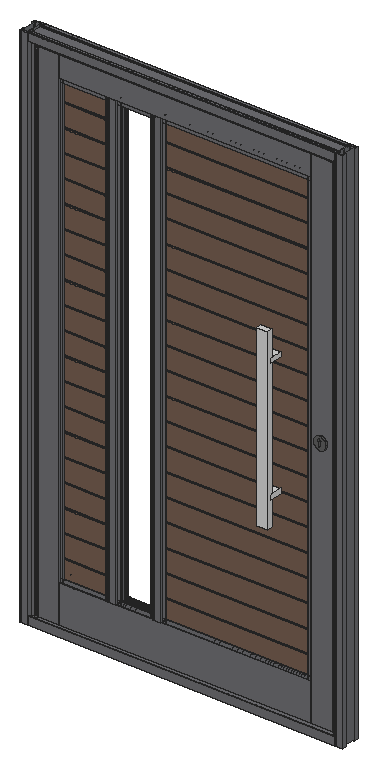
Revit family "Y1321P Y2 CH K LH", category Doors, host Wall, Revit 2024
Family settings
  Host = Wall
  OmniClass Number = 23.30.10.00
  OmniClass Title = Doors
  Always vertical = Yes
  Cut with Voids When Loaded = No
  Shared = No
  Room Calculation Point = No
Parameters
  Function = Interior
  Frame Projection Ext. = 25 mm
  Frame Projection Int. = 25 mm
  Frame Width = 75 mm
  Height = 2120 mm
  Wall Closure = By host
  Width = 1290 mm
  Analytic Construction = "<None>"
Reference planes
  plane 1: y = 0
  plane 2 "Center (Left/Right)": x = 0
  plane 3 "Left": x = -645
  plane 4 "Right": x = 645
  plane 5: z = 2120
  plane 6 "Exterior": y = 75
  plane 7 "Interior": y = -75
Forms (mm)
  Sweep 1, solid, material "ALUMINIUM CHAR (TEST)"
    path origin (0, 75, 0) x (-1, 0, 0) y (0, 0, -1)
      loop
        line (-601.2, -30) -> (-601.2, -2075) -> (600, -2075) -> (600, -30)
    profile origin (0.6, 75, 2075) x (0, 0, -1) y (0, -1, 0)
      loop
        line (-15, 55) -> (-15, 53) -> (0.5, 53)
        arc (0.5, 53) -> (1.207, 53.293) -> (1.5, 54) r 1
        line (1.5, 54) -> (1.5, 56.1) -> (0.5, 56.1) -> (0.5, 55) -> (-1, 55) -> (-1, 59.5) -> (0.5, 59.5) -> (0.5, 58.369) -> (1.5, 58.369) -> (1.5, 91.631) -> (0.5, 91.631) -> (0.5, 90.5) -> (-1, 90.5) -> (-1, 95) -> (0.5, 95) -> (0.5, 93.9) -> (1.5, 93.9) -> (1.5, 96)
        arc (1.5, 96) -> (1.207, 96.707) -> (0.5, 97) r 1
        line (0.5, 97) -> (-15, 97) -> (-15, 95) -> (-2.8, 95) -> (-2.8, 88.5) -> (-0.5, 88.5) -> (-0.5, 61.5) -> (-2.8, 61.5) -> (-2.8, 55) -> (-15, 55)
  Extrusion 2, solid, material "ALUMINIUM CHAR (TEST)"
    sketch origin (0, 0, 0) x (0, 1, 0) y (0, 0, -1)
      loop
        line (37.5, -2120) -> (37.5, -2090) -> (7.651, -2090) -> (-4.189, -2090) -> (-37.5, -2090) -> (-37.5, -2120) -> (-22, -2120) -> (-22, -2118.5) -> (-24.5, -2118.5) -> (-24.5, -2115.5) -> (24.5, -2115.5) -> (24.5, -2118.5) -> (22, -2118.5) -> (22, -2120) -> (37.5, -2120)
      loop
        line (32.168, -2118.2) -> (35.6, -2118.2) -> (35.6, -2091.8) -> (32.168, -2091.8) -> (30.896, -2093.072) -> (29.5, -2091.676) -> (28, -2093.176) -> (26.624, -2091.8) -> (-19.438, -2091.8) -> (-26.624, -2091.8) -> (-28, -2093.176) -> (-29.5, -2091.676) -> (-30.896, -2093.072) -> (-32.168, -2091.8) -> (-35.6, -2091.8) -> (-35.6, -2118.2) -> (-32.168, -2118.2) -> (-30.896, -2116.928) -> (-29.5, -2118.324) -> (-28, -2116.824) -> (-26.3, -2118.524) -> (-26.3, -2115.8)
        arc (-26.3, -2115.8) -> (-25.685, -2114.315) -> (-24.2, -2113.7) r 2.1
        line (-24.2, -2113.7) -> (24.2, -2113.7)
        arc (24.2, -2113.7) -> (25.685, -2114.315) -> (26.3, -2115.8) r 2.1
        line (26.3, -2115.8) -> (26.3, -2118.524) -> (28, -2116.824) -> (29.5, -2118.324) -> (30.896, -2116.928) -> (32.168, -2118.2)
      loop
        line (37.5, 0) -> (22, 0) -> (22, -1.5) -> (24.5, -1.5) -> (24.5, -4.5) -> (-24.5, -4.5) -> (-24.5, -1.5) -> (-22, -1.5) -> (-22, 0) -> (-37.5, 0) -> (-37.5, -30) -> (-4.189, -30) -> (7.651, -30) -> (37.5, -30) -> (37.5, 0)
      loop
        line (32.168, -1.8) -> (30.896, -3.072) -> (29.5, -1.676) -> (28, -3.176) -> (26.3, -1.476) -> (26.3, -4.2)
        arc (26.3, -4.2) -> (25.685, -5.685) -> (24.2, -6.3) r 2.1
        line (24.2, -6.3) -> (-24.2, -6.3)
        arc (-24.2, -6.3) -> (-25.685, -5.685) -> (-26.3, -4.2) r 2.1
        line (-26.3, -4.2) -> (-26.3, -1.476) -> (-28, -3.176) -> (-29.5, -1.676) -> (-30.896, -3.072) -> (-32.168, -1.8) -> (-35.6, -1.8) -> (-35.6, -28.2) -> (-32.168, -28.2) -> (-30.896, -26.928) -> (-29.5, -28.324) -> (-28, -26.824) -> (-26.624, -28.2) -> (-19.438, -28.2) -> (26.624, -28.2) -> (28, -26.824) -> (29.5, -28.324) -> (30.896, -26.928) -> (32.168, -28.2) -> (35.6, -28.2) -> (35.6, -1.8) -> (32.168, -1.8)
    from -615 to 615
  Extrusion 3, solid, material "ALUMINIUM CHAR (TEST)"
    sketch origin (0, 0, 30) x (-1, 0, 0) y (0, -1, 0)
      loop
        line (598.5, -21) -> (598.5, 23.179)
        arc (598.5, 23.179) -> (598.26, 23.76) -> (597.679, 24) r 0.821
        line (597.679, 24) -> (584.5, 24)
        arc (584.5, 24) -> (583.5, 23) -> (584.5, 22) r 1
        line (584.5, 22) -> (595.679, 22)
        arc (595.679, 22) -> (596.26, 21.76) -> (596.5, 21.179) r 0.821
        line (596.5, 21.179) -> (596.5, -21)
        arc (596.5, -21) -> (597.5, -22) -> (598.5, -21) r 1
      loop
        line (-599.7, 21) -> (-599.7, -23.179)
        arc (-599.7, -23.179) -> (-599.459, -23.76) -> (-598.879, -24) r 0.821
        line (-598.879, -24) -> (-585.7, -24)
        arc (-585.7, -24) -> (-584.7, -23) -> (-585.7, -22) r 1
        line (-585.7, -22) -> (-596.879, -22)
        arc (-596.879, -22) -> (-597.459, -21.76) -> (-597.7, -21.179) r 0.821
        line (-597.7, -21.179) -> (-597.7, 21)
        arc (-597.7, 21) -> (-598.7, 22) -> (-599.7, 21) r 1
    from 0 to 2043.5
  Extrusion 4, solid, material "ALUMINIUM CHAR (TEST)"
    sketch origin (0, 0, 0) x (0, -1, 0) y (-1, 0, 0)
      loop
        line (-37.5, -645) -> (-22, -645) -> (-22, -643.5) -> (-24.5, -643.5) -> (-24.5, -640.5) -> (24.5, -640.5) -> (24.5, -643.5) -> (22, -643.5) -> (22, -645) -> (37.5, -645) -> (37.5, -615) -> (17, -615) -> (17, -615.993) -> (18.496, -616.394) -> (18.496, -617.6) -> (0.254, -617.6) -> (0.254, -616.306) -> (3, -616.066) -> (3, -615) -> (-37.5, -615) -> (-37.5, -645)
      loop
        line (-26.624, -616.8) -> (-28, -618.176) -> (-29.5, -616.676) -> (-30.896, -618.072) -> (-32.168, -616.8) -> (-35.6, -616.8) -> (-35.6, -643.2) -> (-32.168, -643.2) -> (-30.896, -641.928) -> (-29.5, -643.324) -> (-28, -641.824) -> (-26.3, -643.524) -> (-26.3, -640.8)
        arc (-26.3, -640.8) -> (-25.685, -639.315) -> (-24.2, -638.7) r 2.1
        line (-24.2, -638.7) -> (24.2, -638.7)
        arc (24.2, -638.7) -> (25.685, -639.315) -> (26.3, -640.8) r 2.1
        line (26.3, -640.8) -> (26.3, -643.524) -> (28, -641.824) -> (29.5, -643.324) -> (30.896, -641.928) -> (32.168, -643.2) -> (35.6, -643.2) -> (35.6, -616.8) -> (32.168, -616.8) -> (30.896, -618.072) -> (29.5, -616.676) -> (28, -618.176) -> (26.624, -616.8) -> (20.239, -616.8)
        arc (20.239, -616.8) -> (19.852, -618.596) -> (18.2, -619.4) r 2.1
        line (18.2, -619.4) -> (0.55, -619.4)
        arc (0.55, -619.4) -> (-1.102, -618.596) -> (-1.49, -616.8) r 2.1
        line (-1.49, -616.8) -> (-26.624, -616.8)
      loop
        line (-37.5, 645) -> (-37.5, 615) -> (3, 615) -> (3, 616.066) -> (0.254, 616.306) -> (0.254, 617.6) -> (18.496, 617.6) -> (18.496, 616.394) -> (17, 615.993) -> (17, 615) -> (37.5, 615) -> (37.5, 645) -> (22, 645) -> (22, 643.5) -> (24.5, 643.5) -> (24.5, 640.5) -> (-24.5, 640.5) -> (-24.5, 643.5) -> (-22, 643.5) -> (-22, 645) -> (-37.5, 645)
      loop
        line (-26.624, 616.8) -> (-1.49, 616.8)
        arc (-1.49, 616.8) -> (-1.102, 618.596) -> (0.55, 619.4) r 2.1
        line (0.55, 619.4) -> (18.2, 619.4)
        arc (18.2, 619.4) -> (19.852, 618.596) -> (20.239, 616.8) r 2.1
        line (20.239, 616.8) -> (26.624, 616.8) -> (28, 618.176) -> (29.5, 616.676) -> (30.896, 618.072) -> (32.168, 616.8) -> (35.6, 616.8) -> (35.6, 643.2) -> (32.168, 643.2) -> (30.896, 641.928) -> (29.5, 643.324) -> (28, 641.824) -> (26.3, 643.524) -> (26.3, 640.8)
        arc (26.3, 640.8) -> (25.685, 639.315) -> (24.2, 638.7) r 2.1
        line (24.2, 638.7) -> (-24.2, 638.7)
        arc (-24.2, 638.7) -> (-25.685, 639.315) -> (-26.3, 640.8) r 2.1
        line (-26.3, 640.8) -> (-26.3, 643.524) -> (-28, 641.824) -> (-29.5, 643.324) -> (-30.896, 641.928) -> (-32.168, 643.2) -> (-35.6, 643.2) -> (-35.6, 616.8) -> (-32.168, 616.8) -> (-30.896, 618.072) -> (-29.5, 616.676) -> (-28, 618.176) -> (-26.624, 616.8)
    from -2120 to 0
  Extrusion 5, solid, material "ALUMINIUM CHAR (TEST)"
    sketch origin (0, 0, -6.5) x (1, 0, 0) y (0, 1, 0)
      loop
        line (503.5, 22) -> (503.5, 12) -> (504.475, 12) -> (504.606, 13.5) -> (506.1, 13.5) -> (506.1, 6.618) -> (506.1, -5) -> (504.737, -5) -> (504.475, -2) -> (503.5, -2) -> (503.5, -15.2) -> (492.893, -15.2) -> (492.2, -15.6) -> (489.7, -15.6) -> (489.7, -14) -> (488.5, -14) -> (488.5, -17) -> (503.5, -17) -> (503.5, -22) -> (591.7, -22)
        arc (591.7, -22) -> (592.973, -21.473) -> (593.5, -20.2) r 1.8
        line (593.5, -20.2) -> (593.5, -19.4)
        arc (593.5, -19.4) -> (593, -18.9) -> (592.5, -19.4) r 0.5
        line (592.5, -19.4) -> (592.5, -20.4) -> (591, -20.4) -> (591, -12.8) -> (592.5, -12.8) -> (592.5, -13.8)
        arc (592.5, -13.8) -> (593, -14.3) -> (593.5, -13.8) r 0.5
        line (593.5, -13.8) -> (593.5, 13.8)
        arc (593.5, 13.8) -> (593, 14.3) -> (592.5, 13.8) r 0.5
        line (592.5, 13.8) -> (592.5, 12.8) -> (591, 12.8) -> (591, 20.4) -> (592.5, 20.4) -> (592.5, 19.4)
        arc (592.5, 19.4) -> (593, 18.9) -> (593.5, 19.4) r 0.5
        line (593.5, 19.4) -> (593.5, 20.2)
        arc (593.5, 20.2) -> (592.973, 21.473) -> (591.7, 22) r 1.8
        line (591.7, 22) -> (503.5, 22)
      loop
        line (589.2, 20.2) -> (505.3, 20.2) -> (505.3, 15.3) -> (506.5, 15.3)
        arc (506.5, 15.3) -> (507.49, 14.89) -> (507.9, 13.9) r 1.4
        line (507.9, 13.9) -> (507.9, -5.4)
        arc (507.9, -5.4) -> (507.49, -6.39) -> (506.5, -6.8) r 1.4
        line (506.5, -6.8) -> (505.3, -6.8) -> (505.3, -17.092) -> (505.3, -20.2) -> (589.2, -20.2) -> (589.2, -12.2)
        arc (589.2, -12.2) -> (589.493, -11.493) -> (590.2, -11.2) r 1
        line (590.2, -11.2) -> (591.5, -11.2) -> (591.5, 11.2) -> (590.2, 11.2)
        arc (590.2, 11.2) -> (589.493, 11.493) -> (589.2, 12.2) r 1
        line (589.2, 12.2) -> (589.2, 20.2)
      loop
        line (-503.5, 22) -> (-591.7, 22)
        arc (-591.7, 22) -> (-592.973, 21.473) -> (-593.5, 20.2) r 1.8
        line (-593.5, 20.2) -> (-593.5, 19.4)
        arc (-593.5, 19.4) -> (-593, 18.9) -> (-592.5, 19.4) r 0.5
        line (-592.5, 19.4) -> (-592.5, 20.4) -> (-591, 20.4) -> (-591, 12.8) -> (-592.5, 12.8) -> (-592.5, 13.8)
        arc (-592.5, 13.8) -> (-593, 14.3) -> (-593.5, 13.8) r 0.5
        line (-593.5, 13.8) -> (-593.5, -13.8)
        arc (-593.5, -13.8) -> (-593, -14.3) -> (-592.5, -13.8) r 0.5
        line (-592.5, -13.8) -> (-592.5, -12.8) -> (-591, -12.8) -> (-591, -20.4) -> (-592.5, -20.4) -> (-592.5, -19.4)
        arc (-592.5, -19.4) -> (-593, -18.9) -> (-593.5, -19.4) r 0.5
        line (-593.5, -19.4) -> (-593.5, -20.2)
        arc (-593.5, -20.2) -> (-592.973, -21.473) -> (-591.7, -22) r 1.8
        line (-591.7, -22) -> (-503.5, -22) -> (-503.5, -17) -> (-488.5, -17) -> (-488.5, -14) -> (-489.7, -14) -> (-489.7, -15.6) -> (-492.2, -15.6) -> (-492.893, -15.2) -> (-503.5, -15.2) -> (-503.5, -2) -> (-504.475, -2) -> (-504.737, -5) -> (-506.1, -5) -> (-506.1, 7.077) -> (-506.1, 13.5) -> (-504.606, 13.5) -> (-504.475, 12) -> (-503.5, 12) -> (-503.5, 22)
      loop
        line (-589.2, 20.2) -> (-589.2, 12.2)
        arc (-589.2, 12.2) -> (-589.493, 11.493) -> (-590.2, 11.2) r 1
        line (-590.2, 11.2) -> (-591.5, 11.2) -> (-591.5, -11.2) -> (-590.2, -11.2)
        arc (-590.2, -11.2) -> (-589.493, -11.493) -> (-589.2, -12.2) r 1
        line (-589.2, -12.2) -> (-589.2, -20.2) -> (-505.3, -20.2) -> (-505.3, -17.092) -> (-505.3, -6.8) -> (-506.5, -6.8)
        arc (-506.5, -6.8) -> (-507.49, -6.39) -> (-507.9, -5.4) r 1.4
        line (-507.9, -5.4) -> (-507.9, 13.9)
        arc (-507.9, 13.9) -> (-507.49, 14.89) -> (-506.5, 15.3) r 1.4
        line (-506.5, 15.3) -> (-505.3, 15.3) -> (-505.3, 20.2) -> (-589.2, 20.2)
    from 40 to 2080
  Sweep 6, solid, material "ALUMINIUM CHAR (TEST)"
    path origin (0, 75, -6.5) x (1, 0, 0) y (0, 0, 1)
      loop
        line (503.5, 1996.1) -> (-96.237, 1996.1) -> (-96.237, 190) -> (503.5, 190) -> (503.5, 1996.1)
    profile origin (203.631, 75, 1989.6) x (0, 0, -1) y (0, -1, 0)
      loop
        arc (0, 53.6) -> (0.176, 53.176) -> (0.6, 53) r 0.6
        line (0.6, 53) -> (14.8, 53)
        arc (14.8, 53) -> (15.224, 53.176) -> (15.4, 53.6) r 0.6
        line (15.4, 53.6) -> (15.4, 57.5)
        arc (15.4, 57.5) -> (14.9, 58) -> (14.4, 57.5) r 0.5
        line (14.4, 57.5) -> (14.4, 55) -> (13, 55) -> (12.4, 58) -> (10.4, 58) -> (10.4, 57) -> (11.4, 57) -> (11.8, 55) -> (7.5, 55) -> (7.9, 57) -> (8.9, 57) -> (8.9, 58) -> (6.9, 58) -> (6.3, 55) -> (1.9, 55) -> (1.9, 65) -> (-0.6, 65) -> (-0.6, 75.5) -> (-1.6, 75.5) -> (-1.6, 79)
        arc (-1.6, 79) -> (-2.1, 79.5) -> (-2.6, 79) r 0.5
        line (-2.6, 79) -> (-2.6, 63)
        arc (-2.6, 63) -> (-1.85, 62.492) -> (-1.1, 63) r 0.808
        line (-1.1, 63) -> (0, 63) -> (0, 53.6)
  Sweep 7, solid, material "ALUMINIUM CHAR (TEST)"
    path origin (-0.008, 75, 1533.5) x (1, 0, 0) y (0, 0, 1)
      loop
        line (-304.992, 455) -> (-503.5, 455) -> (-503.5, -1350) -> (-304.992, -1350) -> (-304.992, 455)
    profile origin (-404.254, 75, 1988.5) x (0, 0, -1) y (0, -1, 0)
      loop
        arc (0, 53.6) -> (0.176, 53.176) -> (0.6, 53) r 0.6
        line (0.6, 53) -> (14.8, 53)
        arc (14.8, 53) -> (15.224, 53.176) -> (15.4, 53.6) r 0.6
        line (15.4, 53.6) -> (15.4, 57.5)
        arc (15.4, 57.5) -> (14.9, 58) -> (14.4, 57.5) r 0.5
        line (14.4, 57.5) -> (14.4, 55) -> (13, 55) -> (12.4, 58) -> (10.4, 58) -> (10.4, 57) -> (11.4, 57) -> (11.8, 55) -> (7.5, 55) -> (7.9, 57) -> (8.9, 57) -> (8.9, 58) -> (6.9, 58) -> (6.3, 55) -> (1.9, 55) -> (1.9, 65) -> (-0.6, 65) -> (-0.6, 75.5) -> (-1.6, 75.5) -> (-1.6, 79)
        arc (-1.6, 79) -> (-2.1, 79.5) -> (-2.6, 79) r 0.5
        line (-2.6, 79) -> (-2.6, 63)
        arc (-2.6, 63) -> (-1.85, 62.492) -> (-1.1, 63) r 0.808
        line (-1.1, 63) -> (0, 63) -> (0, 53.6)
  Extrusion 8, solid, material "ALUMINIUM BLACK (TEST)"
    sketch origin (-350.722, 27.873, -83.123) x (-1, 0, 0) y (0, 0, -1)
      loop
        circle (-896.954, -1135.623) r 25
    from 0 to 5
  Extrusion 9, solid, material "ALUMINIUM BLACK (TEST)"
    sketch origin (-350.722, -27.873, -83.123) x (-1, 0, 0) y (0, 0, 1)
      loop
        circle (-896.954, 1135.623) r 25
    from 0 to 5
  Extrusion 10, void
    sketch origin (-85.5, 67.873, -83.123) x (-1, 0, 0) y (0, 0, -1)
      loop
        line (-634.732, -1122.18) -> (-634.732, -1136.773)
        arc (-634.732, -1136.773) -> (-631.732, -1150.865) -> (-628.732, -1136.773) r 7.365
        line (-628.732, -1136.773) -> (-628.732, -1122.18)
        arc (-628.732, -1122.18) -> (-631.732, -1119.18) -> (-634.732, -1122.18) r 3
    from 40 to 45
  Extrusion 11, void
    sketch origin (-85.5, -67.873, -83.123) x (-1, 0, 0) y (0, 0, 1)
      loop
        arc (-634.732, 1122.18) -> (-631.732, 1119.18) -> (-628.732, 1122.18) r 3
        line (-628.732, 1122.18) -> (-628.732, 1136.773)
        arc (-628.732, 1136.773) -> (-631.732, 1150.865) -> (-634.732, 1136.773) r 7.365
        line (-634.732, 1136.773) -> (-634.732, 1122.18)
    from 40 to 45
  Extrusion 12, solid, material "COOL BRONZE GLASS"
    sketch origin (0, 9.8, -6.5) x (1, 0, 0) y (0, 0, 1)
      loop
        line (-125, 1994.2) -> (-275, 1994.2) -> (-275, 189.4) -> (-125, 189.4) -> (-125, 1994.2)
    from 0 to 6.4
  Sweep 13, solid, material "ALUMINIUM CHAR (TEST)"
    path origin (-2.956, 75, 1123.5) x (1, 0, 0) y (0, 0, 1)
      loop
        line (-122.044, 866.1) -> (-272.044, 866.1) -> (-272.044, -940) -> (-122.044, -940) -> (-122.044, 866.1)
    profile origin (-200, 75, 1989.6) x (0, 0, -1) y (0, -1, 0)
      loop
        arc (0, 53.6) -> (0.176, 53.176) -> (0.6, 53) r 0.6
        line (0.6, 53) -> (14.8, 53)
        arc (14.8, 53) -> (15.224, 53.176) -> (15.4, 53.6) r 0.6
        line (15.4, 53.6) -> (15.4, 57.5)
        arc (15.4, 57.5) -> (14.9, 58) -> (14.4, 57.5) r 0.5
        line (14.4, 57.5) -> (14.4, 55) -> (13, 55) -> (12.4, 58) -> (10.4, 58) -> (10.4, 57) -> (11.4, 57) -> (11.8, 55) -> (7.5, 55) -> (7.9, 57) -> (8.9, 57) -> (8.9, 58) -> (6.9, 58) -> (6.3, 55) -> (1.9, 55) -> (1.9, 65) -> (-0.6, 65) -> (-0.6, 75.5) -> (-1.6, 75.5) -> (-1.6, 79)
        arc (-1.6, 79) -> (-2.1, 79.5) -> (-2.6, 79) r 0.5
        line (-2.6, 79) -> (-2.6, 63)
        arc (-2.6, 63) -> (-1.85, 62.492) -> (-1.1, 63) r 0.808
        line (-1.1, 63) -> (0, 63) -> (0, 53.6)
  Extrusion 14, solid, material "ALUMINIUM CHAR (TEST)"
    sketch origin (4982.033, 0, 3177.001) x (0, -1, 0) y (1, 0, 0)
      loop
        line (22, -5077.033) -> (17, -5077.033) -> (17, -5062.033) -> (14, -5062.033) -> (14, -5063.233) -> (15.6, -5063.233) -> (15.6, -5065.441) -> (15.2, -5066.133) -> (15.2, -5077.033) -> (2, -5077.033) -> (2, -5078.008) -> (5, -5078.271) -> (5, -5079.633) -> (-13.5, -5079.633) -> (-13.5, -5078.139) -> (-12, -5078.008) -> (-12, -5077.033) -> (-22, -5077.033) -> (-22, -5107.033) -> (-12, -5107.033) -> (-12, -5106.058) -> (-13.5, -5105.927) -> (-13.5, -5104.433) -> (5, -5104.433) -> (5, -5105.796) -> (2, -5106.058) -> (2, -5107.033) -> (15.2, -5107.033) -> (15.2, -5117.641) -> (15.6, -5118.333) -> (15.6, -5120.833) -> (14, -5120.833) -> (14, -5122.033) -> (17, -5122.033) -> (17, -5107.033) -> (22, -5107.033) -> (22, -5077.033)
      loop
        line (20.2, -5105.233) -> (20.2, -5078.833) -> (16.581, -5078.833) -> (6.8, -5078.833) -> (6.8, -5080.033)
        arc (6.8, -5080.033) -> (6.39, -5081.023) -> (5.4, -5081.433) r 1.4
        line (5.4, -5081.433) -> (-13.9, -5081.433)
        arc (-13.9, -5081.433) -> (-14.89, -5081.023) -> (-15.3, -5080.033) r 1.4
        line (-15.3, -5080.033) -> (-15.3, -5078.833) -> (-20.2, -5078.833) -> (-20.2, -5105.233) -> (-15.3, -5105.233) -> (-15.3, -5104.033)
        arc (-15.3, -5104.033) -> (-14.89, -5103.043) -> (-13.9, -5102.633) r 1.4
        line (-13.9, -5102.633) -> (5.4, -5102.633)
        arc (5.4, -5102.633) -> (6.39, -5103.043) -> (6.8, -5104.033) r 1.4
        line (6.8, -5104.033) -> (6.8, -5105.233) -> (20.2, -5105.233)
      loop
        line (22, -5257.033) -> (17, -5257.033) -> (17, -5242.033) -> (14, -5242.033) -> (14, -5243.233) -> (15.6, -5243.233) -> (15.6, -5245.441) -> (15.2, -5246.133) -> (15.2, -5257.033) -> (2, -5257.033) -> (2, -5258.008) -> (5, -5258.271) -> (5, -5259.633) -> (-13.5, -5259.633) -> (-13.5, -5258.139) -> (-12, -5258.008) -> (-12, -5257.033) -> (-22, -5257.033) -> (-22, -5287.033) -> (-12, -5287.033) -> (-12, -5286.058) -> (-13.5, -5285.927) -> (-13.5, -5284.433) -> (5, -5284.433) -> (5, -5285.796) -> (2, -5286.058) -> (2, -5287.033) -> (15.2, -5287.033) -> (15.2, -5297.641) -> (15.6, -5298.333) -> (15.6, -5300.833) -> (14, -5300.833) -> (14, -5302.033) -> (17, -5302.033) -> (17, -5287.033) -> (22, -5287.033) -> (22, -5257.033)
      loop
        line (20.2, -5285.233) -> (20.2, -5258.833) -> (16.581, -5258.833) -> (6.8, -5258.833) -> (6.8, -5260.033)
        arc (6.8, -5260.033) -> (6.39, -5261.023) -> (5.4, -5261.433) r 1.4
        line (5.4, -5261.433) -> (-13.9, -5261.433)
        arc (-13.9, -5261.433) -> (-14.89, -5261.023) -> (-15.3, -5260.033) r 1.4
        line (-15.3, -5260.033) -> (-15.3, -5258.833) -> (-20.2, -5258.833) -> (-20.2, -5285.233) -> (-15.3, -5285.233) -> (-15.3, -5284.033)
        arc (-15.3, -5284.033) -> (-14.89, -5283.043) -> (-13.9, -5282.633) r 1.4
        line (-13.9, -5282.633) -> (5.4, -5282.633)
        arc (5.4, -5282.633) -> (6.39, -5283.043) -> (6.8, -5284.033) r 1.4
        line (6.8, -5284.033) -> (6.8, -5285.233) -> (20.2, -5285.233)
    from -2993.501 to -1188.501
  Extrusion 15, solid, material "ALUMINIUM CHAR (TEST)"
    sketch origin (0, 0, -6.5) x (0, 1, 0) y (0, 0, 1)
      loop
        line (20.25, 77.453) -> (20.25, 172.747) -> (19.7, 173.7) -> (19.7, 176.7) -> (20.25, 177.653) -> (20.25, 188.2) -> (15.3, 188.2) -> (15.3, 185.6) -> (-6.55, 185.6) -> (-6.55, 188.2) -> (-20.25, 188.2) -> (-20.25, 177.653) -> (-19.7, 176.7) -> (-19.7, 173.7) -> (-20.25, 172.747) -> (-20.25, 77.453) -> (-19.7, 76.5) -> (-19.7, 73.5) -> (-20.25, 72.547) -> (-20.25, 61.8) -> (20.25, 61.8) -> (20.25, 72.547) -> (19.7, 73.5) -> (19.7, 76.5) -> (20.25, 77.453)
      loop
        line (19.7, 60) -> (19.7, 57) -> (20.25, 56.047) -> (20.25, 43.6) -> (17.1, 43.6) -> (17.1, 42) -> (20.2, 42) -> (20.2, 40) -> (22, 40) -> (22, 190) -> (12, 190) -> (12, 189.007) -> (13.5, 188.605) -> (13.5, 187.4) -> (-4.75, 187.4) -> (-4.75, 188.693) -> (-2, 188.934) -> (-2, 190) -> (-15.2, 190) -> (-15.2, 200.607) -> (-15.6, 201.3) -> (-15.6, 203.8) -> (-14, 203.8) -> (-14, 205) -> (-17, 205) -> (-17, 190) -> (-22, 190) -> (-22, 40) -> (-20.2, 40) -> (-20.2, 42) -> (-17.1, 42) -> (-17.1, 43.6) -> (-20.25, 43.6) -> (-20.25, 56.047) -> (-19.7, 57) -> (-19.7, 60) -> (19.7, 60)
      loop
        line (-22, 2080) -> (-22, 1995) -> (-17, 1995) -> (-17, 1980) -> (-14, 1980) -> (-14, 1981.2) -> (-15.6, 1981.2) -> (-15.6, 1983.7) -> (-15.2, 1984.393) -> (-15.2, 1995) -> (-2, 1995) -> (-2, 1996.066) -> (-4.75, 1996.307) -> (-4.75, 1997.6) -> (13.5, 1997.6) -> (13.5, 1996.395) -> (12, 1995.993) -> (12, 1995) -> (22, 1995) -> (22, 2080) -> (20.2, 2080) -> (20.2, 2078) -> (17.1, 2078) -> (17.1, 2076.4) -> (20.25, 2076.4) -> (20.25, 2063.953) -> (19.7, 2063) -> (19.7, 2060) -> (-19.7, 2060) -> (-19.7, 2063) -> (-20.25, 2063.953) -> (-20.25, 2076.4) -> (-17.1, 2076.4) -> (-17.1, 2078) -> (-20.2, 2078) -> (-20.2, 2080) -> (-22, 2080)
      loop
        line (-20.25, 2042.547) -> (-20.25, 2012.253) -> (-19.7, 2011.3) -> (-19.7, 2008.3) -> (-20.25, 2007.347) -> (-20.25, 1996.8) -> (-6.55, 1996.8) -> (-6.55, 1999.4) -> (15.3, 1999.4) -> (15.3, 1996.8) -> (20.25, 1996.8) -> (20.25, 2007.347) -> (19.7, 2008.3) -> (19.7, 2011.3) -> (20.25, 2012.253) -> (20.25, 2042.547) -> (19.7, 2043.5) -> (19.7, 2046.5) -> (20.25, 2047.453) -> (20.25, 2058.2) -> (-20.25, 2058.2) -> (-20.25, 2047.453) -> (-19.7, 2046.5) -> (-19.7, 2043.5) -> (-20.25, 2042.547)
    from -503.5 to 503.5
  Extrusion 16, solid, material "KIAAT (TEST 1)"
    sketch origin (-0.008, 114.915, -6.5) x (0, 1, 0) y (0, 0, 1)
      loop
        line (-104.915, 272.7) -> (-112.415, 272.7) -> (-112.415, 280.7) -> (-104.915, 280.7) -> (-104.915, 363.4) -> (-112.415, 363.4) -> (-112.415, 371.4) -> (-104.915, 371.4) -> (-104.915, 454.1) -> (-112.415, 454.1) -> (-112.415, 462.1) -> (-104.915, 462.1) -> (-104.915, 544.8) -> (-112.415, 544.8) -> (-112.415, 552.8) -> (-104.915, 552.8) -> (-104.915, 635.5) -> (-112.415, 635.5) -> (-112.415, 643.5) -> (-104.915, 643.5) -> (-104.915, 726.2) -> (-112.415, 726.2) -> (-112.415, 734.2) -> (-104.915, 734.2) -> (-104.915, 816.9) -> (-112.415, 816.9) -> (-112.415, 824.9) -> (-104.915, 824.9) -> (-104.915, 907.6) -> (-112.415, 907.6) -> (-112.415, 915.6) -> (-104.915, 915.6) -> (-104.915, 998.3) -> (-112.415, 998.3) -> (-112.415, 1006.3) -> (-104.915, 1006.3) -> (-104.915, 1089) -> (-112.415, 1089) -> (-112.415, 1097) -> (-104.915, 1097) -> (-104.915, 1179.7) -> (-112.415, 1179.7) -> (-112.415, 1187.7) -> (-104.915, 1187.7) -> (-104.915, 1270.4) -> (-112.415, 1270.4) -> (-112.415, 1278.4) -> (-104.915, 1278.4) -> (-104.915, 1361.1) -> (-112.415, 1361.1) -> (-112.415, 1369.1) -> (-104.915, 1369.1) -> (-104.915, 1451.8) -> (-112.415, 1451.8) -> (-112.415, 1459.8) -> (-104.915, 1459.8) -> (-104.915, 1542.5) -> (-112.415, 1542.5) -> (-112.415, 1550.5) -> (-104.915, 1550.5) -> (-104.915, 1633.2) -> (-112.415, 1633.2) -> (-112.415, 1641.2) -> (-104.915, 1641.2) -> (-104.915, 1723.9) -> (-112.415, 1723.9) -> (-112.415, 1731.9) -> (-104.915, 1731.9) -> (-104.915, 1814.6) -> (-112.415, 1814.6) -> (-112.415, 1822.6) -> (-104.915, 1822.6) -> (-104.915, 1905.3) -> (-112.415, 1905.3) -> (-112.415, 1913.3) -> (-104.915, 1913.3) -> (-104.915, 1995) -> (-126.915, 1995) -> (-126.915, 1913.3) -> (-119.415, 1913.3) -> (-119.415, 1905.3) -> (-126.915, 1905.3) -> (-126.915, 1822.6) -> (-119.415, 1822.6) -> (-119.415, 1814.6) -> (-126.915, 1814.6) -> (-126.915, 1731.9) -> (-119.415, 1731.9) -> (-119.415, 1723.9) -> (-126.915, 1723.9) -> (-126.915, 1641.2) -> (-119.415, 1641.2) -> (-119.415, 1633.2) -> (-126.915, 1633.2) -> (-126.915, 1550.5) -> (-119.415, 1550.5) -> (-119.415, 1542.5) -> (-126.915, 1542.5) -> (-126.915, 1459.8) -> (-119.415, 1459.8) -> (-119.415, 1451.8) -> (-126.915, 1451.8) -> (-126.915, 1369.1) -> (-119.415, 1369.1) -> (-119.415, 1361.1) -> (-126.915, 1361.1) -> (-126.915, 1278.4) -> (-119.415, 1278.4) -> (-119.415, 1270.4) -> (-126.915, 1270.4) -> (-126.915, 1187.7) -> (-119.415, 1187.7) -> (-119.415, 1179.7) -> (-126.915, 1179.7) -> (-126.915, 1097) -> (-119.415, 1097) -> (-119.415, 1089) -> (-126.915, 1089) -> (-126.915, 1006.3) -> (-119.415, 1006.3) -> (-119.415, 998.3) -> (-126.915, 998.3) -> (-126.915, 915.6) -> (-119.415, 915.6) -> (-119.415, 907.6) -> (-126.915, 907.6) -> (-126.915, 824.9) -> (-119.415, 824.9) -> (-119.415, 816.9) -> (-126.915, 816.9) -> (-126.915, 734.2) -> (-119.415, 734.2) -> (-119.415, 726.2) -> (-126.915, 726.2) -> (-126.915, 643.5) -> (-119.415, 643.5) -> (-119.415, 635.5) -> (-126.915, 635.5) -> (-126.915, 552.8) -> (-119.415, 552.8) -> (-119.415, 544.8) -> (-126.915, 544.8) -> (-126.915, 462.1) -> (-119.415, 462.1) -> (-119.415, 454.1) -> (-126.915, 454.1) -> (-126.915, 371.4) -> (-119.415, 371.4) -> (-119.415, 363.4) -> (-126.915, 363.4) -> (-126.915, 280.7) -> (-119.415, 280.7) -> (-119.415, 272.7) -> (-126.915, 272.7) -> (-126.915, 190) -> (-104.915, 190) -> (-104.915, 272.7)
    from -94.329 to 503.508
  Extrusion 17, solid, material "KIAAT (TEST 1)"
    sketch origin (-407.255, 114.915, -6.5) x (0, 1, 0) y (0, 0, 1)
      loop
        line (-104.915, 272.7) -> (-112.415, 272.7) -> (-112.415, 280.7) -> (-104.915, 280.7) -> (-104.915, 363.4) -> (-112.415, 363.4) -> (-112.415, 371.4) -> (-104.915, 371.4) -> (-104.915, 454.1) -> (-112.415, 454.1) -> (-112.415, 462.1) -> (-104.915, 462.1) -> (-104.915, 544.8) -> (-112.415, 544.8) -> (-112.415, 552.8) -> (-104.915, 552.8) -> (-104.915, 635.5) -> (-112.415, 635.5) -> (-112.415, 643.5) -> (-104.915, 643.5) -> (-104.915, 726.2) -> (-112.415, 726.2) -> (-112.415, 734.2) -> (-104.915, 734.2) -> (-104.915, 816.9) -> (-112.415, 816.9) -> (-112.415, 824.9) -> (-104.915, 824.9) -> (-104.915, 907.6) -> (-112.415, 907.6) -> (-112.415, 915.6) -> (-104.915, 915.6) -> (-104.915, 998.3) -> (-112.415, 998.3) -> (-112.415, 1006.3) -> (-104.915, 1006.3) -> (-104.915, 1089) -> (-112.415, 1089) -> (-112.415, 1097) -> (-104.915, 1097) -> (-104.915, 1179.7) -> (-112.415, 1179.7) -> (-112.415, 1187.7) -> (-104.915, 1187.7) -> (-104.915, 1270.4) -> (-112.415, 1270.4) -> (-112.415, 1278.4) -> (-104.915, 1278.4) -> (-104.915, 1361.1) -> (-112.415, 1361.1) -> (-112.415, 1369.1) -> (-104.915, 1369.1) -> (-104.915, 1451.8) -> (-112.415, 1451.8) -> (-112.415, 1459.8) -> (-104.915, 1459.8) -> (-104.915, 1542.5) -> (-112.415, 1542.5) -> (-112.415, 1550.5) -> (-104.915, 1550.5) -> (-104.915, 1633.2) -> (-112.415, 1633.2) -> (-112.415, 1641.2) -> (-104.915, 1641.2) -> (-104.915, 1723.9) -> (-112.415, 1723.9) -> (-112.415, 1731.9) -> (-104.915, 1731.9) -> (-104.915, 1814.6) -> (-112.415, 1814.6) -> (-112.415, 1822.6) -> (-104.915, 1822.6) -> (-104.915, 1905.3) -> (-112.415, 1905.3) -> (-112.415, 1913.3) -> (-104.915, 1913.3) -> (-104.915, 1995) -> (-126.915, 1995) -> (-126.915, 1913.3) -> (-119.415, 1913.3) -> (-119.415, 1905.3) -> (-126.915, 1905.3) -> (-126.915, 1822.6) -> (-119.415, 1822.6) -> (-119.415, 1814.6) -> (-126.915, 1814.6) -> (-126.915, 1731.9) -> (-119.415, 1731.9) -> (-119.415, 1723.9) -> (-126.915, 1723.9) -> (-126.915, 1641.2) -> (-119.415, 1641.2) -> (-119.415, 1633.2) -> (-126.915, 1633.2) -> (-126.915, 1550.5) -> (-119.415, 1550.5) -> (-119.415, 1542.5) -> (-126.915, 1542.5) -> (-126.915, 1459.8) -> (-119.415, 1459.8) -> (-119.415, 1451.8) -> (-126.915, 1451.8) -> (-126.915, 1369.1) -> (-119.415, 1369.1) -> (-119.415, 1361.1) -> (-126.915, 1361.1) -> (-126.915, 1278.4) -> (-119.415, 1278.4) -> (-119.415, 1270.4) -> (-126.915, 1270.4) -> (-126.915, 1187.7) -> (-119.415, 1187.7) -> (-119.415, 1179.7) -> (-126.915, 1179.7) -> (-126.915, 1097) -> (-119.415, 1097) -> (-119.415, 1089) -> (-126.915, 1089) -> (-126.915, 1006.3) -> (-119.415, 1006.3) -> (-119.415, 998.3) -> (-126.915, 998.3) -> (-126.915, 915.6) -> (-119.415, 915.6) -> (-119.415, 907.6) -> (-126.915, 907.6) -> (-126.915, 824.9) -> (-119.415, 824.9) -> (-119.415, 816.9) -> (-126.915, 816.9) -> (-126.915, 734.2) -> (-119.415, 734.2) -> (-119.415, 726.2) -> (-126.915, 726.2) -> (-126.915, 643.5) -> (-119.415, 643.5) -> (-119.415, 635.5) -> (-126.915, 635.5) -> (-126.915, 552.8) -> (-119.415, 552.8) -> (-119.415, 544.8) -> (-126.915, 544.8) -> (-126.915, 462.1) -> (-119.415, 462.1) -> (-119.415, 454.1) -> (-126.915, 454.1) -> (-126.915, 371.4) -> (-119.415, 371.4) -> (-119.415, 363.4) -> (-126.915, 363.4) -> (-126.915, 280.7) -> (-119.415, 280.7) -> (-119.415, 272.7) -> (-126.915, 272.7) -> (-126.915, 190) -> (-104.915, 190) -> (-104.915, 272.7)
    from -96.245 to 102.255
  Extrusion 18, solid, material "Stainless Steel Lever Handle"
    sketch origin (-503.242, -71.398, 705) x (-1, 0, 0) y (0, -1, 0)
      loop
        line (-878.538, -126.398) -> (-878.538, -146.398) -> (-838.538, -146.398) -> (-838.538, -126.398) -> (-878.538, -126.398)
    from 0 to 710
  Extrusion 19, solid, material "Stainless Steel Lever Handle"
    sketch origin (-503.242, 60, -375) x (-1, 0, 0) y (0, 0, -1)
      loop
        line (-878.538, -1690) -> (-838.538, -1690) -> (-838.538, -1670) -> (-878.538, -1670) -> (-878.538, -1690)
      loop
        line (-878.538, -1180) -> (-878.538, -1200) -> (-838.538, -1200) -> (-838.538, -1180) -> (-878.538, -1180)
    from 0 to 50
  Extrusion 20, solid, material "Stainless Steel Lever Handle"
    sketch origin (-503.242, 69.398, 705) x (-1, 0, 0) y (0, -1, 0)
      loop
        line (-878.538, 126.398) -> (-838.538, 126.398) -> (-838.538, 146.398) -> (-878.538, 146.398) -> (-878.538, 126.398)
    from 0 to 710
  Extrusion 21, solid, material "Stainless Steel Lever Handle"
    sketch origin (-503.242, -62, -375) x (-1, 0, 0) y (0, 0, 1)
      loop
        line (-878.538, 1690) -> (-878.538, 1670) -> (-838.538, 1670) -> (-838.538, 1690) -> (-878.538, 1690)
      loop
        line (-878.538, 1180) -> (-838.538, 1180) -> (-838.538, 1200) -> (-878.538, 1200) -> (-878.538, 1180)
    from 0 to 50
Cuts and joins
  Extrusion 10 cuts Extrusion 8
  Extrusion 11 cuts Extrusion 9
Lines and regions (mm)
  Opening 1
    outline origin (-5000, 75, 0) x (-1, 0, 0) y (0, 0, 1)
      loop
        line (-5645, 0) -> (-4355, 0) -> (-4355, 2120) -> (-5645, 2120) -> (-5645, 0)
  model lines
    curve 1: line (602.851, 22.5, 0) -> (-602.851, 22.5, 0)
    curve 2: line (603, -13, 0) -> (-603, -13, 0)
    curve 8: line (-300, -22.5, 0) -> (-300, -925.5, 0)
    curve 9: arc (603, -22.5, 0) -> (338.517, -661.017, 0) -> (-300, -925.5, 0) r 903
    curve 10: line (-300, 13, 0) -> (-300, 316, 0)
    curve 11: arc (-300, 316, 0) -> (-514.253, 227.253, 0) -> (-603, 13, 0) r 303
    curve 12: line (-603, 22.5, 0) -> (603, 22.5, 0)
    curve 13: line (-300, 0, 0) -> (-300, 0, 2078)
  symbolic lines, style "Elevation Swing"
    curve 3: line (645, -75, 1060) -> (-300, -75, 2078)
    curve 4: line (645, -75, 1060) -> (-300, -75, 0)
    curve 5: line (-598.5, -75, 1060.342) -> (-300, -75, 2078)
    curve 6: line (-598.5, -75, 1060.342) -> (-300, -75, 0)
  model lines, style "Elevation Swing"
    curve 7: line (-300, 0, 0) -> (-300, 0, 2078)
Text (mm)
  text "Exterior" at (-2295.016, 1099.543, 0), in view "Ref. Level"
  text "Exterior" at (0, 1615.38, 3698.081), in view "Left"
  text "Exterior" at (0, 1036.032, 3874.932), in view "Right"
Dimensions and locks
  equal spacing: plane 3 "Left", plane 2 "Center (Left/Right)", plane 4 "Right"
  "Width": plane 3 "Left" to plane 4 "Right"
  "Height": plane 5 to host wall
  host wall to plane 5 = 2120 mm  (x2)
  locked: plane 6 "Exterior" to host wall
  locked: plane 7 "Interior" to host wall
  plane 3 "Left" to plane 4 "Right" = 1290 mm  (x2)
  aligned and locked: plane 1 to host wall
  aligned and locked: Opening 1 sketch curve to level
Automatic sketch dimensions
  curve 13 to level = 0 mm
  curve 7 to level = 0 mm
  plane 5 to curve 7 = 42 mm
  curve 7 to plane 2 "Center (Left/Right)" = 300 mm
  curve 13 to curve 7 = 0 mm  (x2)
  curve 4 to level = 0 mm
  plane 4 "Right" to curve 4 = 0 mm
  curve 6 to plane 2 "Center (Left/Right)" = 300 mm
  plane 5 to curve 5 = 42 mm
  curve 5 to plane 2 "Center (Left/Right)" = 300 mm
  curve 5 to plane 3 "Left" = 46.5 mm
  level to curve 4 = 1060 mm
  plane 5 to curve 6 = 1059.658 mm
  curve 8 to plane 2 "Center (Left/Right)" = 300 mm
  host wall to curve 10 = 241 mm
  curve 10 to plane 2 "Center (Left/Right)" = 300 mm
  curve 11 to host wall = 13 mm
  host wall to curve 9 = 22.5 mm
  host wall to curve 8 = 850.5 mm
  curve 11 to curve 1 = 0.149 mm
  host wall to curve 2 = 13 mm
  curve 2 to curve 11 = 0 mm
  plane 4 "Right" to curve 1 = 42.149 mm
  curve 2 to curve 9 = 0 mm
  curve 10 to curve 11 = 0 mm
  curve 8 to curve 9 = 0 mm
  curve 12 to plane 3 "Left" = 42 mm
  curve 12 to host wall = 22.5 mm
  plane 4 "Right" to curve 12 = 42 mm
  plane 4 "Right" to Opening 1 sketch curve = 0 mm
  plane 3 "Left" to Opening 1 sketch curve = 0 mm
  Opening 1 sketch curve to plane 5 = 0 mm
  plane 4 "Right" to Sweep 1 sketch curve = 43.8 mm
  Sweep 1 sketch curve to plane 3 "Left" = 45 mm
  plane 5 to Sweep 1 sketch curve = 45 mm
  level to Sweep 1 sketch curve = 30 mm  (x2)
  profile plane to Sweep 1 sketch curve = 15 mm  (x2)
  profile plane to Sweep 1 sketch curve = 2.8 mm  (x2)
  profile plane to Sweep 1 sketch curve = 1 mm  (x2)
  profile plane to Sweep 1 sketch curve = 0.5 mm
  Sweep 1 sketch curve to profile plane = 0.5 mm  (x6)
  Sweep 1 sketch curve to Sweep 1 sketch curve = 1 mm  (x6)
  profile plane to Sweep 1 sketch curve = 53 mm
  Sweep 1 sketch curve to Sweep 1 sketch curve = 1.1 mm  (x2)
  Sweep 1 sketch curve to Sweep 1 sketch curve = 2.269 mm  (x2)
  Sweep 1 sketch curve to Sweep 1 sketch curve = 1.131 mm  (x2)
  Sweep 1 sketch curve to Sweep 1 sketch curve = 2 mm  (x2)
  Sweep 1 sketch curve to Sweep 1 sketch curve = 27 mm
  Sweep 1 sketch curve to Sweep 1 sketch curve = 6.5 mm
  Extrusion 2 sketch curve to level = 0 mm  (x2)
  plane 5 to Extrusion 2 sketch curve = 0 mm  (x2)
  host wall to Extrusion 2 sketch curve = 37.5 mm  (x2)
  Extrusion 2 sketch curve to Extrusion 2 sketch curve = 1.9 mm  (x4)
  Extrusion 2 sketch curve to Extrusion 2 sketch curve = 3.432 mm  (x6)
  plane 5 to Extrusion 2 sketch curve = 3.072 mm  (x2)
  Extrusion 2 sketch curve to Extrusion 2 sketch curve = 1.272 mm  (x12)
  level to Extrusion 2 sketch curve = 3.072 mm  (x2)
  Extrusion 2 sketch curve to Extrusion 2 sketch curve = 1.396 mm  (x8)
  plane 5 to Extrusion 2 sketch curve = 1.676 mm  (x2)
  level to Extrusion 2 sketch curve = 1.676 mm  (x2)
  plane 5 to Extrusion 2 sketch curve = 3.176 mm  (x2)
  Extrusion 2 sketch curve to Extrusion 2 sketch curve = 1.5 mm  (x6)
  level to Extrusion 2 sketch curve = 3.176 mm  (x2)
  Extrusion 2 sketch curve to Extrusion 2 sketch curve = 1.376 mm  (x4)
  Extrusion 2 sketch curve to Extrusion 2 sketch curve = 1.7 mm  (x4)
  Extrusion 2 sketch curve to Extrusion 2 sketch curve = 1.8 mm  (x5)
  Extrusion 2 sketch curve to Extrusion 2 sketch curve = 0.3 mm  (x6)
  Extrusion 2 sketch curve to Extrusion 2 sketch curve = 2.5 mm  (x2)
  Extrusion 2 sketch curve to Extrusion 2 sketch curve = 7.186 mm  (x2)
  host wall to Extrusion 2 sketch curve = 4.189 mm  (x2)
  Extrusion 2 sketch curve to host wall = 7.651 mm  (x2)
  level to Extrusion 2 sketch curve = 1.5 mm  (x2)
  Extrusion 2 sketch curve to host wall = 22 mm  (x2)
  Extrusion 2 sketch curve to Extrusion 2 sketch curve = 2.2 mm  (x2)
  plane 5 to Extrusion 2 sketch curve = 1.476 mm
  level to Extrusion 2 sketch curve = 1.476 mm
  Extrusion 2 sketch curve to Extrusion 2 sketch curve = 18.973 mm  (x2)
  plane 5 to Extrusion 2 sketch curve = 1.5 mm  (x2)
  Extrusion 2 sketch curve to Extrusion 2 sketch curve = 2.7 mm
  Extrusion 2 sketch curve to Extrusion 2 sketch curve = 20.524 mm  (x2)
  Extrusion 2 sketch curve to Extrusion 2 sketch curve = 0.104 mm  (x2)
  Extrusion 2 sketch curve to Extrusion 2 sketch curve = 26.928 mm
  Extrusion 2 sketch curve to Extrusion 2 sketch curve = 1.676 mm  (x2)
  Extrusion 2 sketch curve to Extrusion 2 sketch curve = 0.124 mm  (x2)
  Extrusion 2 sketch curve to Extrusion 2 sketch curve = 3.124 mm
  plane 4 "Right" to Extrusion 3 sketch curve = 45.3 mm
  Extrusion 3 sketch curve to Extrusion 3 sketch curve = 0.821 mm  (x4)
  Extrusion 3 sketch curve to Extrusion 3 sketch curve = 1 mm  (x4)
  Extrusion 3 sketch curve to Extrusion 3 sketch curve = 11.179 mm  (x2)
  host wall to Extrusion 3 sketch curve = 24 mm
  Extrusion 3 sketch curve to plane 3 "Left" = 60.5 mm
  host wall to Extrusion 3 sketch curve = 21 mm
  Extrusion 3 sketch curve to host wall = 21 mm
  Extrusion 3 sketch curve to host wall = 21.179 mm
  Extrusion 4 sketch curve to plane 4 "Right" = 0 mm  (x2)
  Extrusion 4 sketch curve to plane 3 "Left" = 0 mm  (x2)
  Extrusion 4 sketch curve to host wall = 37.5 mm  (x2)
  Extrusion 4 sketch curve to Extrusion 4 sketch curve = 1.9 mm  (x4)
  Extrusion 4 sketch curve to Extrusion 4 sketch curve = 3.432 mm  (x6)
  Extrusion 4 sketch curve to Extrusion 4 sketch curve = 1.272 mm  (x10)
  Extrusion 4 sketch curve to plane 3 "Left" = 3.072 mm  (x2)
  plane 4 "Right" to Extrusion 4 sketch curve = 3.072 mm  (x2)
  plane 4 "Right" to Extrusion 4 sketch curve = 1.676 mm  (x2)
  Extrusion 4 sketch curve to Extrusion 4 sketch curve = 1.396 mm  (x8)
  Extrusion 4 sketch curve to plane 3 "Left" = 1.676 mm  (x2)
  Extrusion 4 sketch curve to Extrusion 4 sketch curve = 1.5 mm  (x7)
  Extrusion 4 sketch curve to plane 3 "Left" = 3.176 mm  (x2)
  plane 4 "Right" to Extrusion 4 sketch curve = 3.176 mm  (x2)
  Extrusion 4 sketch curve to Extrusion 4 sketch curve = 1.376 mm  (x4)
  Extrusion 4 sketch curve to Extrusion 4 sketch curve = 1.7 mm  (x4)
  Extrusion 4 sketch curve to Extrusion 4 sketch curve = 1.8 mm  (x7)
  Extrusion 4 sketch curve to Extrusion 4 sketch curve = 0.3 mm  (x8)
  Extrusion 4 sketch curve to Extrusion 4 sketch curve = 2.5 mm  (x3)
  Extrusion 4 sketch curve to host wall = 1.49 mm  (x2)
  host wall to Extrusion 4 sketch curve = 0.254 mm  (x2)
  Extrusion 4 sketch curve to Extrusion 4 sketch curve = 0.296 mm  (x4)
  Extrusion 4 sketch curve to Extrusion 4 sketch curve = 2.45 mm  (x2)
  Extrusion 4 sketch curve to Extrusion 4 sketch curve = 14 mm  (x2)
  Extrusion 4 sketch curve to Extrusion 4 sketch curve = 1.2 mm  (x2)
  Extrusion 4 sketch curve to Extrusion 4 sketch curve = 1.744 mm  (x2)
  Extrusion 4 sketch curve to plane 3 "Left" = 1.5 mm  (x2)
  host wall to Extrusion 4 sketch curve = 22 mm  (x2)
  plane 4 "Right" to Extrusion 4 sketch curve = 1.5 mm  (x2)
  Extrusion 4 sketch curve to Extrusion 4 sketch curve = 2.2 mm  (x2)
  plane 4 "Right" to Extrusion 4 sketch curve = 1.476 mm
  Extrusion 4 sketch curve to Extrusion 4 sketch curve = 6.385 mm  (x2)
  plane 4 "Right" to Extrusion 4 sketch curve = 1.8 mm
  Extrusion 4 sketch curve to plane 3 "Left" = 1.8 mm
  Extrusion 4 sketch curve to Extrusion 4 sketch curve = 2.7 mm
  Extrusion 4 sketch curve to Extrusion 4 sketch curve = 19.3 mm
  Extrusion 4 sketch curve to Extrusion 4 sketch curve = 20.524 mm
  Extrusion 4 sketch curve to Extrusion 4 sketch curve = 1.224 mm
  Extrusion 4 sketch curve to Extrusion 4 sketch curve = 0.104 mm  (x2)
  Extrusion 4 sketch curve to Extrusion 4 sketch curve = 0.906 mm  (x2)
  Extrusion 4 sketch curve to Extrusion 4 sketch curve = 0.994 mm
  Extrusion 4 sketch curve to Extrusion 4 sketch curve = 1.234 mm
  Extrusion 4 sketch curve to Extrusion 4 sketch curve = 0.401 mm  (x2)
  Extrusion 4 sketch curve to Extrusion 4 sketch curve = 28.5 mm
  Extrusion 4 sketch curve to Extrusion 4 sketch curve = 0 mm
  Extrusion 4 sketch curve to Extrusion 4 sketch curve = 0.993 mm
  Extrusion 4 sketch curve to Extrusion 4 sketch curve = 1.066 mm
  Extrusion 4 sketch curve to Extrusion 4 sketch curve = 0.24 mm
  Extrusion 4 sketch curve to Extrusion 4 sketch curve = 1.676 mm  (x2)
  Extrusion 4 sketch curve to Extrusion 4 sketch curve = 0.124 mm
  Extrusion 4 sketch curve to Extrusion 4 sketch curve = 0.406 mm
  Extrusion 4 sketch curve to Extrusion 4 sketch curve = 3.124 mm
  Extrusion 5 sketch curve to plane 3 "Left" = 51.5 mm
  Extrusion 5 sketch curve to Extrusion 5 sketch curve = 0 mm  (x6)
  Extrusion 5 sketch curve to Extrusion 5 sketch curve = 0.5 mm  (x7)
  Extrusion 5 sketch curve to Extrusion 5 sketch curve = 0.8 mm  (x11)
  Extrusion 5 sketch curve to Extrusion 5 sketch curve = 1 mm  (x6)
  Extrusion 5 sketch curve to Extrusion 5 sketch curve = 0.7 mm  (x3)
  Extrusion 5 sketch curve to Extrusion 5 sketch curve = 1.5 mm  (x4)
  Extrusion 5 sketch curve to Extrusion 5 sketch curve = 1.3 mm  (x2)
  Extrusion 5 sketch curve to Extrusion 5 sketch curve = 1.8 mm  (x11)
  host wall to Extrusion 5 sketch curve = 5.4 mm
  Extrusion 5 sketch curve to Extrusion 5 sketch curve = 81.3 mm
  Extrusion 5 sketch curve to Extrusion 5 sketch curve = 1.4 mm  (x3)
  Extrusion 5 sketch curve to Extrusion 5 sketch curve = 0.4 mm  (x4)
  Extrusion 5 sketch curve to Extrusion 5 sketch curve = 1.2 mm  (x5)
  host wall to Extrusion 5 sketch curve = 5 mm  (x2)
  Extrusion 5 sketch curve to Extrusion 5 sketch curve = 1.363 mm  (x2)
  Extrusion 5 sketch curve to Extrusion 5 sketch curve = 1.494 mm
  Extrusion 5 sketch curve to Extrusion 5 sketch curve = 0.262 mm  (x2)
  Extrusion 5 sketch curve to Extrusion 5 sketch curve = 0.131 mm  (x2)
  Extrusion 5 sketch curve to Extrusion 5 sketch curve = 10.607 mm  (x2)
  Extrusion 5 sketch curve to Extrusion 5 sketch curve = 0.693 mm  (x2)
  Extrusion 5 sketch curve to Extrusion 5 sketch curve = 2.5 mm  (x2)
  host wall to Extrusion 5 sketch curve = 14 mm
  plane 4 "Right" to Extrusion 5 sketch curve = 156.5 mm
  host wall to Extrusion 5 sketch curve = 15.2 mm
  host wall to Extrusion 5 sketch curve = 2 mm  (x2)
  Extrusion 5 sketch curve to Extrusion 5 sketch curve = 0.975 mm  (x2)
  Extrusion 5 sketch curve to host wall = 12 mm
  Extrusion 5 sketch curve to host wall = 13.5 mm
  Extrusion 5 sketch curve to Extrusion 5 sketch curve = 0.563 mm
  Extrusion 5 sketch curve to Extrusion 5 sketch curve = 0.694 mm
  host wall to Extrusion 5 sketch curve = 12.2 mm
  plane 4 "Right" to Extrusion 5 sketch curve = 55.8 mm
  Extrusion 5 sketch curve to host wall = 12.2 mm
  Extrusion 5 sketch curve to Extrusion 5 sketch curve = 1.6 mm  (x2)
  host wall to Extrusion 5 sketch curve = 15.6 mm
  Extrusion 5 sketch curve to Extrusion 5 sketch curve = 10.2 mm
  Extrusion 5 sketch curve to Extrusion 5 sketch curve = 0.092 mm  (x2)
  Extrusion 5 sketch curve to Extrusion 5 sketch curve = 7.2 mm
  host wall to Extrusion 5 sketch curve = 19.4 mm
  Extrusion 5 sketch curve to Extrusion 5 sketch curve = 0.2 mm  (x4)
  Extrusion 5 sketch curve to Extrusion 5 sketch curve = 5.6 mm  (x3)
  Extrusion 5 sketch curve to Extrusion 5 sketch curve = 2.6 mm
  Extrusion 5 sketch curve to Extrusion 5 sketch curve = 0.6 mm  (x4)
  Extrusion 5 sketch curve to Extrusion 5 sketch curve = 5.382 mm
  Extrusion 5 sketch curve to host wall = 7.077 mm
  Extrusion 5 sketch curve to host wall = 11.2 mm
  Extrusion 5 sketch curve to Extrusion 5 sketch curve = 4.923 mm
  Sweep 6 sketch curve to plane 2 "Center (Left/Right)" = 96.237 mm
  plane 4 "Right" to Sweep 6 sketch curve = 141.5 mm
  level to Sweep 6 sketch curve = 183.5 mm
  plane 5 to Sweep 6 sketch curve = 130.4 mm
  Sweep 6 sketch curve to profile plane = 0 mm
  profile plane to Sweep 6 sketch curve = 0.6 mm
  profile plane to Sweep 6 sketch curve = 1.1 mm
  Sweep 6 sketch curve to Sweep 6 sketch curve = 1 mm  (x7)
  Sweep 6 sketch curve to Sweep 6 sketch curve = 0.75 mm
  Sweep 6 sketch curve to Sweep 6 sketch curve = 0.5 mm  (x2)
  Sweep 6 sketch curve to Sweep 6 sketch curve = 0.6 mm  (x2)
  Sweep 6 sketch curve to profile plane = 1.9 mm
  Sweep 6 sketch curve to Sweep 6 sketch curve = 4.4 mm
  Sweep 6 sketch curve to Sweep 6 sketch curve = 1.2 mm  (x2)
  Sweep 6 sketch curve to Sweep 6 sketch curve = 1.5 mm
  Sweep 6 sketch curve to Sweep 6 sketch curve = 0.4 mm  (x2)
  Sweep 6 sketch curve to Sweep 6 sketch curve = 1.4 mm  (x2)
  profile plane to Sweep 6 sketch curve = 53 mm
  Sweep 6 sketch curve to Sweep 6 sketch curve = 0 mm  (x2)
  Sweep 6 sketch curve to Sweep 6 sketch curve = 2 mm  (x3)
  Sweep 6 sketch curve to Sweep 6 sketch curve = 2.5 mm
  Sweep 6 sketch curve to Sweep 6 sketch curve = 8 mm
  Sweep 6 sketch curve to Sweep 6 sketch curve = 0.3 mm
  Sweep 6 sketch curve to Sweep 6 sketch curve = 10.5 mm
  Sweep 6 sketch curve to Sweep 6 sketch curve = 3.5 mm
  Sweep 7 sketch curve to plane 3 "Left" = 141.492 mm
  Sweep 7 sketch curve to Sweep 7 sketch curve = 198.508 mm
  level to Sweep 7 sketch curve = 183.5 mm
  plane 5 to Sweep 7 sketch curve = 131.5 mm
  Sweep 7 sketch curve to profile plane = 0 mm
  profile plane to Sweep 7 sketch curve = 0.6 mm
  profile plane to Sweep 7 sketch curve = 1.1 mm
  Sweep 7 sketch curve to Sweep 7 sketch curve = 1 mm  (x7)
  Sweep 7 sketch curve to Sweep 7 sketch curve = 0.75 mm
  Sweep 7 sketch curve to Sweep 7 sketch curve = 0.5 mm  (x2)
  Sweep 7 sketch curve to Sweep 7 sketch curve = 0.6 mm  (x2)
  Sweep 7 sketch curve to profile plane = 1.9 mm
  Sweep 7 sketch curve to Sweep 7 sketch curve = 4.4 mm
  Sweep 7 sketch curve to Sweep 7 sketch curve = 1.2 mm  (x2)
  Sweep 7 sketch curve to Sweep 7 sketch curve = 1.5 mm
  Sweep 7 sketch curve to Sweep 7 sketch curve = 0.4 mm  (x2)
  Sweep 7 sketch curve to Sweep 7 sketch curve = 1.4 mm  (x2)
  profile plane to Sweep 7 sketch curve = 53 mm
  Sweep 7 sketch curve to Sweep 7 sketch curve = 0 mm  (x2)
  Sweep 7 sketch curve to Sweep 7 sketch curve = 2 mm  (x3)
  Sweep 7 sketch curve to Sweep 7 sketch curve = 2.5 mm
  Sweep 7 sketch curve to Sweep 7 sketch curve = 8 mm
  Sweep 7 sketch curve to Sweep 7 sketch curve = 0.3 mm
  Sweep 7 sketch curve to Sweep 7 sketch curve = 10.5 mm
  Sweep 7 sketch curve to Sweep 7 sketch curve = 3.5 mm
  plane 4 "Right" to Extrusion 8 sketch curve = 98.768 mm
  level to Extrusion 8 sketch curve = 1052.5 mm
  plane 4 "Right" to Extrusion 9 sketch curve = 98.768 mm
  level to Extrusion 9 sketch curve = 1052.5 mm
  plane 4 "Right" to Extrusion 10 sketch curve = 95.768 mm
  Extrusion 10 sketch curve to Extrusion 10 sketch curve = 3 mm  (x2)
  plane 5 to Extrusion 10 sketch curve = 1059.623 mm
  Extrusion 10 sketch curve to Extrusion 10 sketch curve = 6.726 mm
  Extrusion 10 sketch curve to Extrusion 10 sketch curve = 14.593 mm
  plane 4 "Right" to Extrusion 11 sketch curve = 95.768 mm
  Extrusion 11 sketch curve to Extrusion 11 sketch curve = 3 mm  (x2)
  level to Extrusion 11 sketch curve = 1039.058 mm
  Extrusion 11 sketch curve to Extrusion 11 sketch curve = 14.593 mm
  Extrusion 11 sketch curve to Extrusion 11 sketch curve = 6.726 mm
  plane 5 to Extrusion 12 sketch curve = 132.3 mm
  Extrusion 12 sketch curve to plane 2 "Center (Left/Right)" = 275 mm
  Extrusion 12 sketch curve to plane 2 "Center (Left/Right)" = 125 mm
  level to Extrusion 12 sketch curve = 182.9 mm
  plane 5 to Sweep 13 sketch curve = 130.4 mm
  Sweep 13 sketch curve to plane 2 "Center (Left/Right)" = 275 mm
  Sweep 13 sketch curve to plane 2 "Center (Left/Right)" = 125 mm
  level to Sweep 13 sketch curve = 183.5 mm
  Sweep 13 sketch curve to profile plane = 0 mm
  profile plane to Sweep 13 sketch curve = 0.6 mm
  profile plane to Sweep 13 sketch curve = 1.1 mm
  Sweep 13 sketch curve to Sweep 13 sketch curve = 1 mm  (x7)
  Sweep 13 sketch curve to Sweep 13 sketch curve = 0.75 mm
  Sweep 13 sketch curve to Sweep 13 sketch curve = 0.5 mm  (x2)
  Sweep 13 sketch curve to Sweep 13 sketch curve = 0.6 mm  (x2)
  Sweep 13 sketch curve to profile plane = 1.9 mm
  Sweep 13 sketch curve to Sweep 13 sketch curve = 4.4 mm
  Sweep 13 sketch curve to Sweep 13 sketch curve = 1.2 mm  (x2)
  Sweep 13 sketch curve to Sweep 13 sketch curve = 1.5 mm
  Sweep 13 sketch curve to Sweep 13 sketch curve = 0.4 mm  (x2)
  Sweep 13 sketch curve to Sweep 13 sketch curve = 1.4 mm  (x2)
  profile plane to Sweep 13 sketch curve = 53 mm
  Sweep 13 sketch curve to Sweep 13 sketch curve = 0 mm  (x2)
  Sweep 13 sketch curve to Sweep 13 sketch curve = 2 mm  (x3)
  Sweep 13 sketch curve to Sweep 13 sketch curve = 2.5 mm
  Sweep 13 sketch curve to Sweep 13 sketch curve = 8 mm
  Sweep 13 sketch curve to Sweep 13 sketch curve = 0.3 mm
  Sweep 13 sketch curve to Sweep 13 sketch curve = 10.5 mm
  Sweep 13 sketch curve to Sweep 13 sketch curve = 3.5 mm
  Extrusion 14 sketch curve to host wall = 22 mm  (x2)
  Extrusion 14 sketch curve to Extrusion 14 sketch curve = 1.8 mm  (x12)
  Extrusion 14 sketch curve to Extrusion 14 sketch curve = 4.9 mm  (x4)
  Extrusion 14 sketch curve to Extrusion 14 sketch curve = 1.4 mm  (x10)
  Extrusion 14 sketch curve to Extrusion 14 sketch curve = 0.4 mm  (x10)
  Extrusion 14 sketch curve to Extrusion 14 sketch curve = 1.5 mm  (x4)
  host wall to Extrusion 14 sketch curve = 2 mm  (x4)
  Extrusion 14 sketch curve to Extrusion 14 sketch curve = 3 mm  (x4)
  host wall to Extrusion 14 sketch curve = 14 mm  (x4)
  Extrusion 14 sketch curve to Extrusion 14 sketch curve = 8.4 mm  (x3)
  Extrusion 14 sketch curve to Extrusion 14 sketch curve = 1.2 mm  (x11)
  Extrusion 14 sketch curve to Extrusion 14 sketch curve = 1.6 mm  (x2)
  Extrusion 14 sketch curve to Extrusion 14 sketch curve = 1.381 mm  (x2)
  Extrusion 14 sketch curve to Extrusion 14 sketch curve = 3.619 mm  (x2)
  Extrusion 14 sketch curve to plane 2 "Center (Left/Right)" = 320 mm
  Extrusion 14 sketch curve to Extrusion 14 sketch curve = 2.5 mm  (x2)
  Extrusion 14 sketch curve to Extrusion 14 sketch curve = 0.693 mm  (x4)
  Extrusion 14 sketch curve to Extrusion 14 sketch curve = 13.8 mm
  Extrusion 14 sketch curve to Extrusion 14 sketch curve = 10.607 mm  (x2)
  Extrusion 14 sketch curve to Extrusion 14 sketch curve = 0 mm  (x5)
  Extrusion 14 sketch curve to Extrusion 14 sketch curve = 0.975 mm  (x5)
  Extrusion 14 sketch curve to Extrusion 14 sketch curve = 0.131 mm  (x4)
  Extrusion 14 sketch curve to Extrusion 14 sketch curve = 0.262 mm  (x4)
  Extrusion 14 sketch curve to Extrusion 14 sketch curve = 0.694 mm  (x2)
  Extrusion 14 sketch curve to Extrusion 14 sketch curve = 1.363 mm  (x3)
  Extrusion 14 sketch curve to Extrusion 14 sketch curve = 21.2 mm  (x2)
  Extrusion 14 sketch curve to Extrusion 14 sketch curve = 1.494 mm  (x3)
  Extrusion 14 sketch curve to Extrusion 14 sketch curve = 10.9 mm  (x2)
  Extrusion 14 sketch curve to Extrusion 14 sketch curve = 2.207 mm  (x2)
  Extrusion 14 sketch curve to Extrusion 14 sketch curve = 120 mm
  Extrusion 14 sketch curve to Extrusion 14 sketch curve = 0.563 mm
  host wall to Extrusion 15 sketch curve = 22 mm  (x2)
  Extrusion 15 sketch curve to Extrusion 15 sketch curve = 1.75 mm  (x4)
  host wall to Extrusion 15 sketch curve = 20.25 mm  (x2)
  Extrusion 15 sketch curve to Extrusion 15 sketch curve = 0 mm  (x8)
  Extrusion 15 sketch curve to Extrusion 15 sketch curve = 0.05 mm  (x2)
  Extrusion 15 sketch curve to Extrusion 15 sketch curve = 0.55 mm  (x13)
  Extrusion 15 sketch curve to Extrusion 15 sketch curve = 3.1 mm  (x4)
  Extrusion 15 sketch curve to Extrusion 15 sketch curve = 5 mm
  Extrusion 15 sketch curve to Extrusion 15 sketch curve = 3.25 mm
  Extrusion 15 sketch curve to Extrusion 15 sketch curve = 1.4 mm  (x2)
  Extrusion 15 sketch curve to Extrusion 15 sketch curve = 1.8 mm  (x11)
  Extrusion 15 sketch curve to Extrusion 15 sketch curve = 0.4 mm
